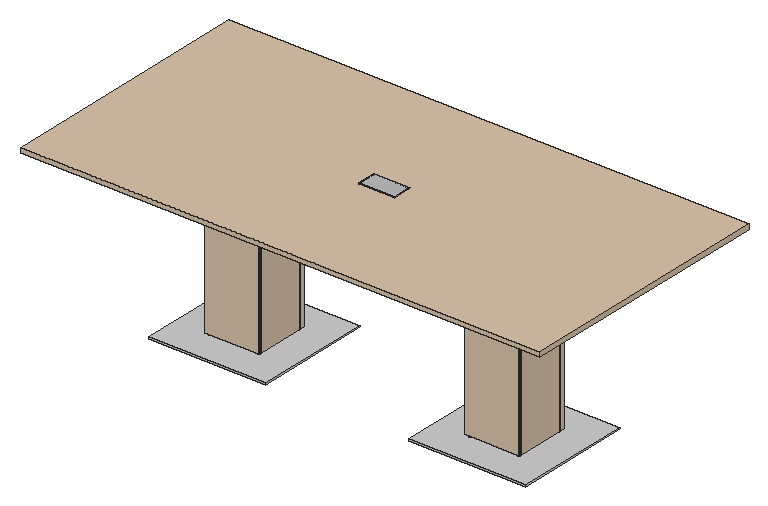
Revit family "Haworth_Planes_ColumnBaseConferenceTable_RectangularOnePiece", category Furniture Systems, Revit 2018
Family settings
  Round Connector Dimension = Use Diameter
  Part Type = Normal
  OmniClass Number = 23.40.70.14.64.21
  OmniClass Title = Systems Furniture
  Work Plane-Based = No
  Always vertical = Yes
  Cut with Voids When Loaded = No
  Shared = No
  Room Calculation Point = No
Parameters (values of type "120w 60d")
  Worksurface Finish [instance] = Haworth _ Laminate _ Maple H-AE
  Worksurface Edge Finish [instance] = Haworth _ Laminate _ Maple H-AE
  Width = 120"
  Warranty = "https://www.haworth.com/resources/product-info/warranties"
  URL - Product = "https://www.haworth.com/products/tables/conference/planes"
  Trim Finish = Haworth _ Laminate _ Maple H-AE
  Sustainability Info = "https://haworth.com/company-info/sustainability"
  Support Side Offset = 30"  # constant formula
  Standard Widths = "96, 102, 108, 114, 120 in."  # constant formula
  Standard Heights = "21, 29, 41 in."  # constant formula
  Standard Depths = "42, 48, 54, 60 in."  # constant formula
  Opening Single Wide = no
  Opening Single = not(or(Opening Single Wide, Opening Double, Opening Double Wide))  # yes
  Opening Left/Right = not(Opening Center)  # no
  Opening Double Wide = no
  Opening Double = no
  Opening Center = yes
  Model = "TARA"  # constant formula
  Min. Depth = 42"  # constant formula
  Max. Depth = 60"  # constant formula
  URL = "www.haworth.com"
  Support Height = Actual Height - Table Thickness  # 39 13/16"
  Size = "Verify Final Dim. w/ Haworth"  # constant formula
  Revision Number = "2"  # constant formula
  Min. Width = 96"  # constant formula
  Max. Width = 120"  # constant formula
  Min. Height = 21"  # constant formula
  Max. Height = 41"  # constant formula
  Manufacturer = "Haworth"  # constant formula
  Knife Edge = not(Edgeband)  # no
  Height = 41"
  Fliptop Width = Cutout Width + 1/4"  # 8 1/4"
  Fliptop Side Offset = Actual Width / 4  # 30"
  Fliptop Side Control = and(Flip Top, [Opening Left/Right])  # no
  Fliptop Depth = Cutout Depth + 3/8"  # 4 3/8"
  Fliptop Center Control = and(Flip Top, Opening Center)  # yes
  Flip Top Finish = Haworth _ Paint _ Metallic Champagne
  Flip Top = yes
  Edgeband = yes
  Description = "Haworth - Planes - Column Base Conference Table - Rectangular - One-Piece"  # constant formula
  Depth = 60"
  Cutout Width = if(or(Opening Single Wide, Opening Double Wide), 11", 8")  # 8"
  Cutout Depth = if(or(Opening Double, Opening Double Wide), 7 11/16", 4")  # 4"
  Cutout = yes
  Custom Size = not(and(or(Depth = 42", Depth = 48", Depth = 54", Depth = 60"), or(Width = 96", Width = 102", Width = 108", Width = 114", Width = 120")))  # no
  Base Finish = Haworth _ Metal _ Brushed Aluminum
  Author = "Haworth (Hampton, Alias)"  # constant formula
  Assembly Code = "E2020200"
  Actual Width = if(Width > Max. Width, Max. Width, if(Width < Min. Width, Min. Width, Width))  # 120"
  Actual Height = if(Height > Max. Height, Max. Height, if(Height < Min. Height, Min. Height, Height))  # 41"
  Table Thickness = 1 3/16"  # constant formula
  Actual Depth = if(Depth > Max. Depth, Max. Depth, if(Depth < Min. Depth, Min. Depth, Depth))  # 60"
Reference planes (in)
  plane 1 "Center F/B": y = -0.15866
  plane 2 "Floor": z = 0
  plane 3 "Center L/R": x = 0
  plane 4 "Table Edge Left": x = -60
  plane 5 "Table Edge Right": x = 60
  plane 6 "Table Bottom": z = 41
  plane 7 "Left Support": x = -30
  plane 8 "Right Support": x = 30
  plane 9 "Worksurface Bottom": z = 39.8125
  plane 10 "Back": y = 29.84134
  plane 11 "Front": y = -30.15866
  plane 12 "Fliptop Left": x = -30
  plane 13 "Fliptop Right": x = 30
Dimensions and locks (in)
  "Actual Width": plane 4 "Table Edge Left" to plane 5 "Table Edge Right"
  equal spacing: plane 4 "Table Edge Left", plane 3 "Center L/R", plane 5 "Table Edge Right"
  "Actual Height": plane 6 "Table Bottom" to level
  "Support Side Offset": plane 4 "Table Edge Left" to plane 7 "Left Support"
  "Support Side Offset": plane 8 "Right Support" to plane 5 "Table Edge Right"
  equal spacing: plane 10 "Back", plane 1 "Center F/B", plane 11 "Front"
  "Actual Depth": plane 10 "Back" to plane 11 "Front"
  "Table Thickness": plane 6 "Table Bottom" to plane 9 "Worksurface Bottom"
  "Fliptop Side Offset": plane 4 "Table Edge Left" to plane 12 "Fliptop Left"
  "Fliptop Side Offset": plane 13 "Fliptop Right" to plane 5 "Table Edge Right"
  aligned and locked: plane 2 "Floor" to nested 1
  aligned and locked: plane 2 "Floor" to nested 2
  aligned and locked: plane 1 "Center F/B" to nested 1
  aligned and locked: plane 1 "Center F/B" to nested 2
  aligned and locked: plane 7 "Left Support" to nested 2
  aligned and locked: plane 8 "Right Support" to nested 1
  aligned and locked: plane 3 "Center L/R" to nested 3
  aligned and locked: plane 1 "Center F/B" to nested 3
  aligned and locked: nested 4 to plane 13 "Fliptop Right"
  aligned and locked: plane 1 "Center F/B" to nested 4
  aligned and locked: plane 12 "Fliptop Left" to nested 5
  aligned and locked: plane 1 "Center F/B" to nested 5
  aligned and locked: plane 2 "Floor" to nested 6
  aligned and locked: plane 1 "Center F/B" to nested 6
  aligned and locked: plane 3 "Center L/R" to nested 6
Nested families (in)
  nested 1: "Haworth_Planes_ColumnBase_Part" at (30, -3.78366, 0), type "Square"
    with Actual Height 39 13/16"
  nested 2: "Haworth_Planes_ColumnBase_Part" at (-30, -3.78366, 0), type "Square"
    with Actual Height 39 13/16"
  nested 3: "Haworth_Worksurface_FlipTop_Unit_Part" at (-0.57037, -0.21114, 41), built-in parameter 1001364 <- "Actual Height", visible <- "Fliptop Center Control", type "Flip Top"
  nested 4: "Haworth_Worksurface_FlipTop_Unit_Part" at (29.42963, -0.21114, 41), built-in parameter 1001364 <- "Actual Height", visible <- "Fliptop Side Control", type "Flip Top"
  nested 5: "Haworth_Worksurface_FlipTop_Unit_Part" at (-30.57037, -0.21114, 41), built-in parameter 1001364 <- "Actual Height", visible <- "Fliptop Side Control", type "Flip Top"
  nested 6: "Haworth_Planes_Conference_Worksurface_Rectangular_Part" at (0, -15.15866, 0), type "Worksurface"
    with Side Cutout Offset 30", Opening Single Wide no, Opening Left/Right no, Opening Double Wide no, Opening Double no, Knife Edge no, Edgeband yes, Cutout Width 8", Cutout Side Graphic no, Cutout Side Dimension 1", Cutout Depth 4", Actual Width 120", Actual Height 41", Actual Depth 60"
Definition of nested family "Haworth_Planes_ColumnBase_Part"
  Parameters (values of type "Square")
    Warranty = "http://www.haworth.com/resources/product-info/warranties"
    URL - Product = "http://www.haworth.com/products/tables/conference/planes"
    URL = "www.haworth.com"
    Trim Finish = none
    Top Gap = 1 1/2"  # constant formula
    Sustainability Info = "http://www.haworth.com/company-info/sustainablility"
    Support Finish = none
    Size = "Verify Final Dim. w/ Haworth"  # constant formula
    Revision Number = "2"  # constant formula
    Model = "Haworth - Planes - Enhanced Column Base - LIMITED"  # constant formula
    Min. Height = 27"  # constant formula
    Max. Height = 36"  # constant formula
    Manufacturer = "Haworth"  # constant formula
    Description = "Haworth - Planes - Enhanced Column Base - LIMITED"  # constant formula
    Column Frame Width 9 = no
    Column Frame Width 12 = yes
    Cladding Thickness = 1/8"  # constant formula
    Cladding Square = yes
    Cladding Round = no
    Cladding Radius = 8 1/2"  # constant formula
    Base Plate Square = yes
    Base Plate Round = no
    Base Plate Radius = 15"  # constant formula
    Base Height Offset = 3/8"  # constant formula
    Base Finish = none
    Base Depth Offset = 7 1/8"  # constant formula
    Author = "Haworth (Hampton)"  # constant formula
    Assembly Code = "E2020200"
    Actual Width = 12 3/4"  # constant formula
    Actual Height = 27 3/16"
    Actual Depth = 12 3/4"  # constant formula
  Types (2): name | Cladding Square | Cladding Round | Base Plate Square | Base Plate Round
    Square | yes | no | yes | no
    Round | no | yes | no | yes
  Reference planes (in)
    plane 1 "Center F/B": y = 3.625
    plane 2 "Bottom": z = 0
    plane 3 "Center L/R": x = 0
    plane 4 "Left": x = -6.375
    plane 5 "Right": x = 6.375
    plane 6 "Front": y = -2.75
    plane 7 "Top": z = 27.1875
    plane 8 "Back": y = 10
    plane 9: y = 9.25
    plane 10: x = 5.625
    plane 11: x = -5.625
    plane 12: y = -2
    plane 13 "Panel Top": z = 25.6875
    plane 14 "Base Plate Top": z = 0.375
    plane 15 "Panel Bottom": z = 0.75
    plane 16: x = -6.25
    plane 17: x = 6.25
    plane 18: y = 9.875
    plane 19: y = -2.625
    plane 20 "Plate Back": y = 17.125
    plane 21 "Plate Front": y = -9.875
    plane 22 "Plate Left": x = -13.5
    plane 23 "Plate Right": x = 13.5
    plane 24 "Angel 2": through (6.375, 10, 48) normal (0.7071, -0.7071, 0)
    plane 25 "Angel 1": through (-6.375, 10, 48) normal (0.7071, 0.7071, 0)
    plane 26: through (6.375, -2.75, 48) normal (-0.7071, -0.7071, 0)
    plane 27: through (6.375, 10, 48) normal (0.7071, -0.7071, 0)
    plane 28: through (-6.375, -2.75, 48) normal (-0.7071, 0.7071, 0)
    plane 29: through (6.375, -2.75, 48) normal (-0.7071, -0.7071, 0)
    plane 30: through (-6.375, 10, 48) normal (0.7071, 0.7071, 0)
    plane 31: through (-6.375, -2.75, 48) normal (-0.7071, 0.7071, 0)
  Forms (in)
    Extrusion 1, solid, material <- "Trim Finish", visible <- "Cladding Square"
      sketch origin (0, 0, 0) x (1, 0, 0) y (0, 1, 0)
        loop
          line (-6.375, 9.875) -> (-6.375, -2.625) -> (-6.25, -2.625) -> (-6.25, 9.875) -> (-6.375, 9.875)
      from 0.75 to 25.6875
    Extrusion 2, solid, material <- "Trim Finish", visible <- "Cladding Square"
      sketch origin (0, 0, 0) x (1, 0, 0) y (0, 1, 0)
        loop
          line (-6.25, 10) -> (-6.25, 9.875) -> (6.25, 9.875) -> (6.25, 10) -> (-6.25, 10)
      from 0.75 to 25.6875
    Extrusion 3, solid, material <- "Trim Finish", visible <- "Cladding Square"
      sketch origin (0, 0, 0) x (1, 0, 0) y (0, 1, 0)
        loop
          line (6.25, 9.875) -> (6.25, -2.625) -> (6.375, -2.625) -> (6.375, 9.875) -> (6.25, 9.875)
      from 0.75 to 25.6875
    Extrusion 4, solid, material <- "Trim Finish", visible <- "Cladding Square"
      sketch origin (0, 0, 0) x (1, 0, 0) y (0, 1, 0)
        loop
          line (-6.25, -2.625) -> (-6.25, -2.75) -> (6.25, -2.75) -> (6.25, -2.625) -> (-6.25, -2.625)
      from 0.75 to 25.6875
    Extrusion 5, solid, material <- "Support Finish"
      sketch origin (0, 0, 0) x (1, 0, 0) y (0, 1, 0)
        loop
          circle (-5.625, 9.25) r 0.375
        loop
          circle (5.625, 9.25) r 0.375
        loop
          circle (5.625, -2) r 0.375
        loop
          circle (-5.625, -2) r 0.375
      from 0.375 to 27.1875
    Extrusion 6, solid, material <- "Base Finish", visible <- "Base Plate Square"
      sketch origin (0, 0, 0) x (1, 0, 0) y (0, 1, 0)
        loop
          line (-13.5, 17.125) -> (-13.5, -9.875) -> (13.5, -9.875) -> (13.5, 17.125) -> (-13.5, 17.125)
      from 0 to 0.375
    Extrusion 7, solid, material <- "Base Finish", visible <- "Base Plate Round"
      sketch origin (0, 0, 0) x (1, 0, 0) y (0, 1, 0)
        loop
          circle (0, 3.625) r 15
      from 0 to 0.375
    Extrusion 8, solid, material <- "Trim Finish", visible <- "Cladding Round"
      sketch origin (0, 0, 0) x (1, 0, 0) y (0, 1, 0)
        loop
          arc (-6.01041, 9.63541) -> (0, 12.125) -> (6.01041, 9.63541) r 8.5
          line (6.01041, 9.63541) -> (6.01041, 9.81092)
          arc (6.01041, 9.81092) -> (0, 12.25) -> (-6.01041, 9.81092) r 8.625
          line (-6.01041, 9.81092) -> (-6.01041, 9.63541)
      from 0.75 to 25.6875
    Extrusion 9, solid, material <- "Trim Finish", visible <- "Cladding Round"
      sketch origin (-3.625, 3.625, 0) x (0, -1, 0) y (1, 0, 0)
        loop
          arc (-6.01041, 9.63541) -> (0, 12.125) -> (6.01041, 9.63541) r 8.5
          line (6.01041, 9.63541) -> (6.01041, 9.81092)
          arc (6.01041, 9.81092) -> (0, 12.25) -> (-6.01041, 9.81092) r 8.625
          line (-6.01041, 9.81092) -> (-6.01041, 9.63541)
      from 0.75 to 25.6875
    Extrusion 10, solid, material <- "Trim Finish", visible <- "Cladding Round"
      sketch origin (0, 7.25, 0) x (-1, 0, 0) y (0, -1, 0)
        loop
          arc (-6.01041, 9.63541) -> (0, 12.125) -> (6.01041, 9.63541) r 8.5
          line (6.01041, 9.63541) -> (6.01041, 9.81092)
          arc (6.01041, 9.81092) -> (0, 12.25) -> (-6.01041, 9.81092) r 8.625
          line (-6.01041, 9.81092) -> (-6.01041, 9.63541)
      from 0.75 to 25.6875
    Extrusion 11, solid, material <- "Trim Finish", visible <- "Cladding Round"
      sketch origin (3.625, 3.625, 0) x (0, 1, 0) y (-1, 0, 0)
        loop
          arc (-6.01041, 9.63541) -> (0, 12.125) -> (6.01041, 9.63541) r 8.5
          line (6.01041, 9.63541) -> (6.01041, 9.81092)
          arc (6.01041, 9.81092) -> (0, 12.25) -> (-6.01041, 9.81092) r 8.625
          line (-6.01041, 9.81092) -> (-6.01041, 9.63541)
      from 0.75 to 25.6875
  Lines and regions (in)
    symbolic lines, visible <- "Base Plate Square", detail levels medium+fine
      curve 1: line (-13.5, 17.125, 0) -> (13.5, 17.125, 0)
      curve 2: line (13.5, 17.125, 0) -> (13.5, -9.875, 0)
      curve 3: line (13.5, -9.875, 0) -> (-13.5, -9.875, 0)
      curve 4: line (-13.5, -9.875, 0) -> (-13.5, 17.125, 0)
    symbolic lines, visible <- "Cladding Square", detail levels medium+fine
      curve 5: line (-6.375, 10, 0) -> (6.375, 10, 0)
      curve 6: line (6.375, 10, 0) -> (6.375, -2.75, 0)
      curve 7: line (6.375, -2.75, 0) -> (-6.375, -2.75, 0)
      curve 8: line (-6.375, -2.75, 0) -> (-6.375, 10, 0)
    model lines, visible <- "Base Plate Round"
      curve 9: circle (0, 3.625, 0) r 15 normal (0, 0, 1)
    symbolic lines, visible <- "Base Plate Round", detail levels medium+fine
      curve 10: circle (0, 3.625, 0) r 8.5 normal (0, 0, 1)
  Dimensions and locks (in)
    equal spacing: plane 8 "Back", plane 1 "Center F/B", plane 6 "Front"
    "Actual Depth": plane 8 "Back" to plane 6 "Front"
    equal spacing: plane 4 "Left", plane 3 "Center L/R", plane 5 "Right"
    "Actual Width": plane 4 "Left" to plane 5 "Right"
    "Actual Height": plane 7 "Top" to level
    locked: plane 4 "Left" to plane 11 at 0.75
    locked: plane 10 to plane 5 "Right" at 0.75
    locked: plane 8 "Back" to plane 9 at 0.75
    locked: plane 12 to plane 6 "Front" at 0.75
    "Base Height Offset": plane 14 "Base Plate Top" to level
    "Base Height Offset": plane 15 "Panel Bottom" to plane 14 "Base Plate Top"
    "Top Gap": plane 7 "Top" to plane 13 "Panel Top"
    "Base Depth Offset": plane 22 "Plate Left" to plane 4 "Left"
    "Base Depth Offset": plane 5 "Right" to plane 23 "Plate Right"
    "Base Depth Offset": plane 21 "Plate Front" to plane 6 "Front"
    "Base Depth Offset": plane 20 "Plate Back" to plane 8 "Back"
    "Cladding Thickness": plane 8 "Back" to plane 18
    "Cladding Thickness": plane 19 to plane 6 "Front"
    "Cladding Thickness": plane 4 "Left" to plane 16
    "Cladding Thickness": plane 17 to plane 5 "Right"
    "Base Plate Radius": radius of Extrusion 7 sketch curve
    "Base Plate Radius": radius of curve 9
    "Cladding Radius": radius of Extrusion 8 sketch curve
    "Cladding Radius": radius of curve 10
    "Cladding Radius": radius of Extrusion 9 sketch curve
    "Cladding Radius": radius of Extrusion 10 sketch curve
    "Cladding Radius": radius of Extrusion 11 sketch curve
    aligned and locked: Extrusion 1 sketch curve to plane 19
    aligned and locked: plane 4 "Left" to Extrusion 1 sketch curve
    aligned and locked: Extrusion 1 sketch curve to plane 16
    aligned and locked: Extrusion 1 sketch curve to plane 18
    aligned and locked: Extrusion 2 sketch curve to plane 8 "Back"
    aligned and locked: plane 18 to Extrusion 2 sketch curve
    aligned and locked: plane 16 to Extrusion 2 sketch curve
    aligned and locked: plane 17 to Extrusion 2 sketch curve
    aligned and locked: Extrusion 3 sketch curve to plane 19
    aligned and locked: Extrusion 3 sketch curve to plane 18
    aligned and locked: Extrusion 3 sketch curve to plane 17
    aligned and locked: plane 5 "Right" to Extrusion 3 sketch curve
    aligned and locked: plane 16 to Extrusion 4 sketch curve
    aligned and locked: plane 17 to Extrusion 4 sketch curve
    aligned and locked: plane 19 to Extrusion 4 sketch curve
    aligned and locked: plane 6 "Front" to Extrusion 4 sketch curve
    aligned and locked: plane 13 "Panel Top" to Extrusion 4
    aligned and locked: Extrusion 4 to plane 15 "Panel Bottom"
    aligned and locked: plane 13 "Panel Top" to Extrusion 2
    aligned and locked: Extrusion 2 to plane 15 "Panel Bottom"
    aligned and locked: Extrusion 1 to plane 15 "Panel Bottom"
    aligned and locked: plane 13 "Panel Top" to Extrusion 1
    aligned and locked: Extrusion 3 to plane 15 "Panel Bottom"
    aligned and locked: plane 13 "Panel Top" to Extrusion 3
    aligned and locked: Extrusion 5 to plane 14 "Base Plate Top"
    aligned and locked: plane 7 "Top" to Extrusion 5
    aligned and locked: plane 22 "Plate Left" to Extrusion 6 sketch curve
    aligned and locked: Extrusion 6 sketch curve to plane 21 "Plate Front"
    aligned and locked: plane 23 "Plate Right" to Extrusion 6 sketch curve
    aligned and locked: Extrusion 6 sketch curve to plane 20 "Plate Back"
    aligned and locked: Extrusion 6 to plane 2 "Bottom"
    aligned and locked: Extrusion 6 to plane 14 "Base Plate Top"
    aligned and locked: curve 1 to plane 20 "Plate Back"
    aligned and locked: plane 22 "Plate Left" to curve 4
    aligned and locked: curve 3 to plane 21 "Plate Front"
    aligned and locked: plane 23 "Plate Right" to curve 2
    aligned and locked: plane 5 "Right" to curve 6
    aligned and locked: curve 5 to plane 8 "Back"
    aligned and locked: plane 4 "Left" to curve 8
    aligned and locked: plane 6 "Front" to curve 7
    aligned and locked: Extrusion 7 to plane 2 "Bottom"
    aligned and locked: Extrusion 7 to plane 14 "Base Plate Top"
    aligned and locked: plane 13 "Panel Top" to Extrusion 8
    aligned and locked: Extrusion 8 to plane 15 "Panel Bottom"
    aligned and locked: Extrusion 11 to plane 15 "Panel Bottom"
    aligned and locked: Extrusion 10 to plane 15 "Panel Bottom"
    aligned and locked: Extrusion 9 to plane 15 "Panel Bottom"
    aligned and locked: plane 13 "Panel Top" to Extrusion 11
    aligned and locked: plane 13 "Panel Top" to Extrusion 10
    aligned and locked: plane 13 "Panel Top" to Extrusion 9
    aligned and locked: Extrusion 11 to Extrusion 1  (x2)
    aligned and locked: Extrusion 2 to Extrusion 10  (x2)
    aligned and locked: Extrusion 9 to Extrusion 2
    aligned and locked: Extrusion 2 to Extrusion 9
    aligned and locked: Extrusion 2 to Extrusion 8  (x2)
    aligned and locked: Extrusion 4 to Extrusion 1
    aligned and locked: Extrusion 1 to Extrusion 4
  Automatic sketch dimensions
    Extrusion 5 sketch curve to plane 11 = 0"  (x2)
    Extrusion 5 sketch curve to plane 9 = 0"  (x2)
    Extrusion 5 sketch curve to plane 10 = 0"  (x2)
    Extrusion 5 sketch curve to plane 12 = 0"  (x2)
    curve 9 to curve 10 = 0"  (x2)
    plane 1 "Center F/B" to curve 9 = 0"
    curve 9 to plane 3 "Center L/R" = 0"
    plane 1 "Center F/B" to Extrusion 7 sketch curve = 0"
    Extrusion 7 sketch curve to plane 3 "Center L/R" = 0"
    Extrusion 8 sketch curve to Extrusion 8 sketch curve = 0"  (x2)
    plane 25 "Angel 1" to Extrusion 8 sketch curve = 0"
    plane 1 "Center F/B" to Extrusion 8 sketch curve = 0"
    Extrusion 8 sketch curve to plane 3 "Center L/R" = 0"
    plane 24 "Angel 2" to Extrusion 8 sketch curve = 0"
    Extrusion 8 sketch curve to plane 18 = 0.06408"
    Extrusion 9 sketch curve to Extrusion 9 sketch curve = 0"  (x2)
    Extrusion 9 sketch curve to plane 27 = 0"
    plane 1 "Center F/B" to Extrusion 9 sketch curve = 0"
    plane 26 to Extrusion 9 sketch curve = 0"
    Extrusion 9 sketch curve to plane 3 "Center L/R" = 0"
    plane 17 to Extrusion 9 sketch curve = 0.06408"
    Extrusion 10 sketch curve to Extrusion 10 sketch curve = 0"  (x2)
    Extrusion 10 sketch curve to plane 29 = 0"
    plane 1 "Center F/B" to Extrusion 10 sketch curve = 0"
    Extrusion 10 sketch curve to plane 3 "Center L/R" = 0"
    Extrusion 10 sketch curve to plane 28 = 0"
    Extrusion 10 sketch curve to plane 19 = 0.06408"
    Extrusion 11 sketch curve to Extrusion 11 sketch curve = 0"  (x2)
    plane 31 to Extrusion 11 sketch curve = 0"
    plane 1 "Center F/B" to Extrusion 11 sketch curve = 0"
    Extrusion 11 sketch curve to plane 30 = 0"
    Extrusion 11 sketch curve to plane 3 "Center L/R" = 0"
    plane 16 to Extrusion 11 sketch curve = 0.06408"
    radius of Extrusion 5 sketch curve = 3/8"  (x4)
Definition of nested family "Haworth_Worksurface_FlipTop_Unit_Part"
  Parameters (values of type "Flip Top")
    Warranty = "https://www.haworth.com/resources/product-info/warranties"
    URL - Product = "https://www.haworth.com/products/tables/conference/planes"
    URL = "www.haworth.com"
    Sustainability Info = "https://www.haworth.com/company-info/sustainability"
    Size = "Verify Final Dim. w/ Haworth"  # constant formula
    Revision Number = "2"  # constant formula
    Model = "Haworth_Worksurface-Flip_Top_Unit"  # constant formula
    Manufacturer = "Haworth"  # constant formula
    LEED Data = "www.haworth.com/_layouts/Haworth.ProductCatalog/Handlers/GetAsset.ashx/ComposeLEEDContributions.pdf?cid=27&rid=1824&type=Leed"
    Flip Top Finish = none
    Description = "Haworth Worksurface-Flip Top Unit - Part"
    Default Elevation = 48"
    Author = "Haworth (Alias), SHAPE Environments, LLC"  # constant formula
    Assembly Code = "E2020200"
    Actual Width = 8 1/4"
    Actual Depth = 4 3/8"
  Reference planes (in)
    plane 1 "Center F/B": y = 0.05249
    plane 2: z = 0
    plane 3 "Center L/R": x = 0.57037
    plane 4 "Back": y = 2.23999
    plane 5 "Right": x = 4.69537
    plane 6 "Front": y = -2.13501
    plane 7 "Left": x = -3.55463
    plane 8 "Table Height": z = 0
  Forms (in)
    Extrusion 1, solid, material <- "Flip Top Finish"
      sketch origin (0, 0, 0) x (-1, 0, 0) y (0, -1, 0)
        loop
          line (3.55463, -2.23999) -> (3.55463, 2.13501) -> (-4.69537, 2.13501) -> (-4.69537, -2.23999) -> (3.55463, -2.23999)
      from 0 to 0.125
    Extrusion 2, solid, material <- "Flip Top Finish"
      sketch origin (0, 0, 0) x (-1, 0, 0) y (0, -1, 0)
        loop
          line (3.42963, -2.05249) -> (3.42963, 1.94751) -> (-4.57037, 1.94751) -> (-4.57037, -2.05249) -> (3.42963, -2.05249)
      from 0 to -2.75
  Cuts and joins
    joined: Extrusion 1, Extrusion 2
  Lines and regions (in)
    Masking region 1
      outline origin (0, 0, 0) x (1, 0, 0) y (0, 1, 0)
        loop
          line (-3.55463, 2.23999) -> (-3.55463, -2.13501) -> (4.69537, -2.13501) -> (4.69537, 2.23999) -> (-3.55463, 2.23999)
  Dimensions and locks (in)
    equal spacing: plane 7 "Left", plane 3 "Center L/R", plane 5 "Right"
    "Actual Width": plane 7 "Left" to plane 5 "Right"
    equal spacing: plane 6 "Front", plane 1 "Center F/B", plane 4 "Back"
    "Actual Depth": plane 4 "Back" to plane 6 "Front"
    plane 7 "Left" to Extrusion 2 sketch curve = 1/8"
    plane 4 "Back" to Extrusion 2 sketch curve = 3/16"
    Extrusion 2 sketch curve to plane 5 "Right" = 1/8"
    Extrusion 2 sketch curve to plane 6 "Front" = 3/16"
    locked: plane 8 "Table Height" to level
    aligned and locked: plane 7 "Left" to Extrusion 1 sketch curve
    aligned and locked: Extrusion 1 sketch curve to plane 4 "Back"
    aligned and locked: plane 6 "Front" to Extrusion 1 sketch curve
    aligned and locked: Extrusion 1 sketch curve to plane 5 "Right"
    aligned and locked: Masking region 1 sketch curve to cut or joined group of Extrusion 1, Extrusion 2  (x3)
    aligned and locked: cut or joined group of Extrusion 1, Extrusion 2 to Masking region 1 sketch curve
Definition of nested family "Haworth_Planes_Conference_Worksurface_Rectangular_Part"
  Parameters (values of type "Worksurface")
    Warranty = "http://www.haworth.com/resources/product-info/warranties"
    URL - Product = "https://www.haworth.com/products/tables/conference/planes"
    URL = "www.haworth.com"
    Thickness = 1 3/16"  # constant formula
    Table Finish = none
    Table Edge Finish = none
    Size = "Verify Final Dim. w/ Haworth"  # constant formula
    Side Cutout Offset = Actual Width / 4  # 24"
    Revision Number = ""
    Opening Single Wide = yes
    Opening Single = yes
    Opening Left/Right = yes
    Opening Double Wide = yes
    Opening Double = yes
    Opening Center = yes
    Model = "Haworth Planes"  # constant formula
    Manufacturer = "Haworth"  # constant formula
    Knife Edge = yes
    Edgeband = no
    Description = "Haworth Planes Conference Worksurface - Part"
    Cutout Width = if(or(Opening Single Wide, Opening Double Wide), 11", 8")  # 11"
    Cutout Side Graphic = and(Cutout, [Opening Left/Right])  # yes
    Cutout Side Dimension = if(and(Cutout, [Opening Left/Right]), 3", 1")  # 3"
    Cutout Center Dimension = if(and(Cutout, Opening Center), 3", 1")  # 3"
    Cutout Depth = if(or(Opening Double, Opening Double Wide), 7 11/16", 4")  # 7 11/16"
    Cutout Center Graphic = and(Cutout, Opening Center)  # yes
    Cutout = yes
    Author = "Haworth (Alias)"  # constant formula
    Assembly Code = ""
    Actual Width = 96"
    Actual Height = 29"
    Actual Depth = 36"
  Reference planes (in)
    plane 1 "Center F/B": y = 15
    plane 2: z = 0
    plane 3 "Center L/R": x = 0
    plane 4 "Table Front": y = 33
    plane 5 "Table Right": x = 48
    plane 6 "Table Left": x = -48
    plane 7 "Table Back": y = -3
    plane 8 "Table Top": z = 29
    plane 9 "Table Bottom": z = 27.8125
    plane 10 "Cutout Top": z = 30
    plane 11 "Cutout Center Bottom": z = 27
    plane 12 "Knife Edge Middle": z = 28.625
    plane 13 "Cutout Back": y = 18.84375
    plane 14 "Cutout Front": y = 11.15625
    plane 15 "Cutout Middle": y = 15
    plane 16 "Left Knife Bottom": x = -46
    plane 17 "Right Knife Bottom": x = 46
    plane 18 "Back Knife Bottom": y = 31
    plane 19 "Front Knife Bottom": y = -1
    plane 20 "Left Cutout": x = -24
    plane 21 "Right Cutout": x = 24
    plane 22 "Cutout Side Bottom": z = 27
  Forms (in)
    Extrusion 1, solid, material <- "Table Finish", visible <- "Edgeband"
      sketch origin (0, 0, 0) x (1, 0, 0) y (0, 1, 0)
        loop
          line (-48, 33) -> (-48, -3) -> (48, -3) -> (48, 33) -> (-48, 33)
      from 27.8125 to 29
    Extrusion 2, solid, material <- "Table Finish", visible <- "Knife Edge"
      sketch origin (0, 0, 0) x (1, 0, 0) y (0, 1, 0)
        loop
          line (-48, 33) -> (-48, -3) -> (48, -3) -> (48, 33) -> (-48, 33)
      from 29 to 28.625
    Extrusion 3, void
      sketch origin (0, 0, 29) x (-1, 0, 0) y (0, -1, 0)
        loop
          line (5.5, -18.84375) -> (5.5, -11.15625) -> (-5.5, -11.15625) -> (-5.5, -18.84375) -> (5.5, -18.84375)
      from -2 to 1
    Blend 4, solid, material <- "Table Finish", visible <- "Knife Edge"
      base sketch origin (0, 0, 0) x (1, 0, 0) y (0, 1, 0)
        loop
          line (46, -1) -> (46, 31) -> (-46, 31) -> (-46, -1) -> (46, -1)
      top sketch origin (0, 0, 0) x (1, 0, 0) y (0, 1, 0)
        loop
          line (-48, 33) -> (-48, -3) -> (48, -3) -> (48, 33) -> (-48, 33)
      from 27.8125 to 28.625
    Extrusion 5, void
      sketch origin (0, 0, 0) x (1, 0, 0) y (0, 1, 0)
        loop
          line (-29.5, 18.84375) -> (-29.5, 11.15625) -> (-18.5, 11.15625) -> (-18.5, 18.84375) -> (-29.5, 18.84375)
        loop
          line (18.5, 18.84375) -> (18.5, 11.15625) -> (29.5, 11.15625) -> (29.5, 18.84375) -> (18.5, 18.84375)
      from 27 to 30
  Cuts and joins
    Extrusion 3, Extrusion 5 cuts Extrusion 2
    Extrusion 3, Extrusion 5 cuts Blend 4
    joined: Extrusion 2, Blend 4
    Extrusion 3, Extrusion 5 cuts Extrusion 1
  Lines and regions (in)
    Masking region 1
      outline origin (0, 0, 0) x (1, 0, 0) y (0, 1, 0)
        loop
          line (-48, 33) -> (-48, -3) -> (48, -3) -> (48, 33) -> (-48, 33)
    symbolic lines, visible <- "Cutout Center Graphic"
      curve 1: line (-5.5, 18.84375, 0) -> (-5.5, 11.15625, 0)
      curve 2: line (-5.5, 11.15625, 0) -> (5.5, 11.15625, 0)
      curve 3: line (5.5, 11.15625, 0) -> (5.5, 18.84375, 0)
      curve 4: line (5.5, 18.84375, 0) -> (-5.5, 18.84375, 0)
    symbolic lines, visible <- "Knife Edge", detail levels medium+fine
      curve 5: line (-46, -1, 0) -> (48, -1, 0)
      curve 6: line (-46, -1, 0) -> (-46, 31, 0)
      curve 7: line (-46, 31, 0) -> (46, 31, 0)
      curve 8: line (46, 31, 0) -> (46, -1, 0)
    symbolic lines, visible <- "Cutout Side Graphic"
      curve 9: line (-29.5, 18.84375, 0) -> (-18.5, 18.84375, 0)
      curve 10: line (-29.5, 11.15625, 0) -> (-29.5, 18.84375, 0)
      curve 11: line (-18.5, 11.15625, 0) -> (-29.5, 11.15625, 0)
      curve 12: line (-18.5, 18.84375, 0) -> (-18.5, 11.15625, 0)
      curve 13: line (18.5, 18.84375, 0) -> (29.5, 18.84375, 0)
      curve 14: line (18.5, 11.15625, 0) -> (18.5, 18.84375, 0)
      curve 15: line (29.5, 11.15625, 0) -> (18.5, 11.15625, 0)
      curve 16: line (29.5, 18.84375, 0) -> (29.5, 11.15625, 0)
  Dimensions and locks (in)
    "Actual Depth": plane 7 "Table Back" to plane 4 "Table Front"
    "Actual Width": plane 6 "Table Left" to plane 5 "Table Right"
    equal spacing: plane 6 "Table Left", plane 3 "Center L/R", plane 5 "Table Right"
    equal spacing: plane 4 "Table Front", plane 1 "Center F/B", plane 7 "Table Back"
    "Thickness": plane 8 "Table Top" to plane 9 "Table Bottom"
    "Actual Height": plane 8 "Table Top" to level
    equal spacing: Extrusion 3 sketch curve, plane 3 "Center L/R", Extrusion 3 sketch curve
    "Cutout Width": Extrusion 3 sketch curve to Extrusion 3 sketch curve
    locked: plane 10 "Cutout Top" to plane 8 "Table Top" at 1
    "Cutout Center Dimension": plane 10 "Cutout Top" to plane 11 "Cutout Center Bottom"
    locked: plane 8 "Table Top" to plane 12 "Knife Edge Middle" at 0.375
    "Cutout Depth": plane 14 "Cutout Front" to plane 13 "Cutout Back"
    equal spacing: plane 14 "Cutout Front", plane 15 "Cutout Middle", plane 13 "Cutout Back"
    locked: plane 18 "Back Knife Bottom" to plane 4 "Table Front" at 2
    locked: plane 6 "Table Left" to plane 16 "Left Knife Bottom" at 2
    locked: plane 17 "Right Knife Bottom" to plane 5 "Table Right" at 2
    locked: plane 19 "Front Knife Bottom" to plane 7 "Table Back" at 2
    "Side Cutout Offset": plane 20 "Left Cutout" to plane 3 "Center L/R"
    "Side Cutout Offset": plane 3 "Center L/R" to plane 21 "Right Cutout"
    equal spacing: Extrusion 5 sketch curve, plane 20 "Left Cutout", Extrusion 5 sketch curve
    "Cutout Width": Extrusion 5 sketch curve to Extrusion 5 sketch curve  (x2)
    equal spacing: Extrusion 5 sketch curve, plane 21 "Right Cutout", Extrusion 5 sketch curve
    "Cutout Side Dimension": plane 10 "Cutout Top" to plane 22 "Cutout Side Bottom"
    aligned and locked: plane 6 "Table Left" to Extrusion 1 sketch curve
    aligned and locked: Extrusion 1 sketch curve to plane 4 "Table Front"
    aligned and locked: plane 7 "Table Back" to Extrusion 1 sketch curve
    aligned and locked: plane 5 "Table Right" to Extrusion 1 sketch curve
    aligned and locked: plane 8 "Table Top" to Extrusion 1
    aligned and locked: Extrusion 1 to plane 9 "Table Bottom"
    aligned and locked: plane 6 "Table Left" to Extrusion 2 sketch curve
    aligned and locked: plane 5 "Table Right" to Extrusion 2 sketch curve
    aligned and locked: Extrusion 2 sketch curve to plane 4 "Table Front"
    aligned and locked: plane 10 "Cutout Top" to Extrusion 3
    aligned and locked: Extrusion 3 to plane 11 "Cutout Center Bottom"
    aligned and locked: Masking region 1 sketch curve to plane 7 "Table Back"
    aligned and locked: plane 6 "Table Left" to Masking region 1 sketch curve
    aligned and locked: Masking region 1 sketch curve to plane 4 "Table Front"
    aligned and locked: plane 5 "Table Right" to Masking region 1 sketch curve
    aligned and locked: curve 1 to Extrusion 3
    aligned and locked: Extrusion 3 to curve 3
    aligned and locked: plane 12 "Knife Edge Middle" to cut or joined group of Extrusion 2, Extrusion 3, Blend 4, Extrusion 5
    aligned and locked: plane 8 "Table Top" to cut or joined group of Extrusion 2, Extrusion 3, Blend 4, Extrusion 5
    aligned and locked: Extrusion 2 sketch curve to plane 7 "Table Back"
    aligned and locked: plane 5 "Table Right" to Blend 4 sketch curve
    aligned and locked: Blend 4 sketch curve to plane 7 "Table Back"
    aligned and locked: Blend 4 sketch curve to plane 4 "Table Front"
    aligned and locked: plane 6 "Table Left" to Blend 4 sketch curve
    aligned and locked: Blend 4 to plane 12 "Knife Edge Middle"
    aligned and locked: Blend 4 to plane 9 "Table Bottom"
    aligned and locked: plane 13 "Cutout Back" to Extrusion 3 sketch curve
    aligned and locked: Extrusion 3 sketch curve to plane 14 "Cutout Front"
    aligned and locked: plane 1 "Center F/B" to plane 15 "Cutout Middle"
    aligned and locked: plane 16 "Left Knife Bottom" to Blend 4 sketch curve
    aligned and locked: plane 18 "Back Knife Bottom" to Blend 4 sketch curve
    aligned and locked: plane 17 "Right Knife Bottom" to Blend 4 sketch curve
    aligned and locked: Blend 4 sketch curve to curve 5
    aligned and locked: plane 17 "Right Knife Bottom" to curve 8
    aligned and locked: plane 18 "Back Knife Bottom" to curve 7
    aligned and locked: plane 16 "Left Knife Bottom" to curve 6
    aligned and locked: Extrusion 5 sketch curve to plane 14 "Cutout Front"  (x2)
    aligned and locked: plane 13 "Cutout Back" to Extrusion 5 sketch curve  (x2)
    aligned and locked: Extrusion 5 to plane 10 "Cutout Top"
    aligned and locked: Extrusion 5 to plane 22 "Cutout Side Bottom"
    aligned and locked: curve 9 to Extrusion 5
    aligned and locked: curve 10 to Extrusion 5
    aligned and locked: curve 11 to Extrusion 5
    aligned and locked: curve 12 to Extrusion 5
    aligned and locked: curve 13 to Extrusion 5
    aligned and locked: curve 14 to Extrusion 5
    aligned and locked: curve 15 to Extrusion 5
    aligned and locked: curve 16 to Extrusion 5
  Automatic sketch dimensions
    curve 5 to plane 5 "Table Right" = 0"
    curve 8 to plane 19 "Front Knife Bottom" = 0"
    plane 14 "Cutout Front" to curve 2 = 0"
    plane 13 "Cutout Back" to curve 4 = 0"
